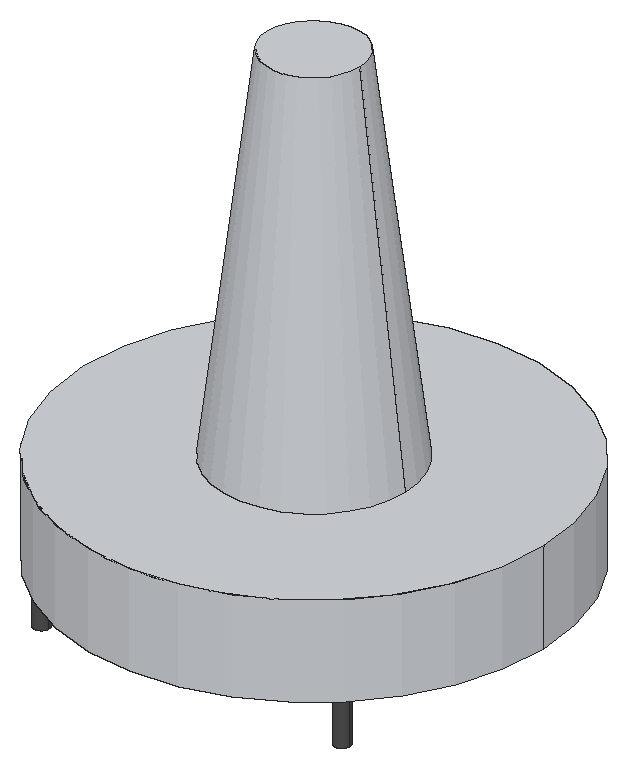
Revit family
Parameters (values of type "60"Dia")
  Upholstery = Default
  Assembly Code = "E2020200"
  Leg Material = Metal - Chrome
  Length = 6' - 7"
  Width = 5' - 0"
Types (4): name | Upholstery | Length | Width
  Double 54" x 75" | none | 6' - 3" | 4' - 6"
  Twin 38" x 75" | none | 6' - 3" | 3' - 2"
  60"Dia | Default | 6' - 7" | 5' - 0"
  King 78" x 80" | none | 6' - 8" | 6' - 6"
Reference planes (in)
  plane 1 "Center (Front/Back)": y = -1.79508
  plane 2: z = 0
  plane 3 "Center (Left/Right)": x = 10.68852
  plane 4: y = 37.70492
  plane 5: y = -41.29508
  plane 6: x = 40.68852
  plane 7: x = -19.31148
  plane 8: x = -8.93192
  plane 9: x = 45.06808
  plane 10: y = 18.10092
  plane 11: y = -54.89908
  plane 12: x = -16.31148
  plane 13: x = 37.68852
  plane 14: x = 30.30897
  plane 15: x = -23.69103
  plane 16: y = 18.10092
  plane 17: y = -54.89908
  plane 18: x = -8.93192
  plane 19: x = 45.06808
  plane 20: y = -21.69109
  plane 21: y = 51.30891
  plane 22: x = 30.30897
  plane 23: x = -23.69103
  plane 24: y = -21.69109
  plane 25: y = 51.30891
Forms (in)
  Extrusion 1, solid, material "Metal - Chrome"
    sketch origin (7.37955, -16.60399, 0) x (1, 0, 0) y (0, 1, 0)
      loop
        circle (-16.31148, 34.70492) r 1
    from 0 to 6
  Extrusion 2, solid
    sketch origin (0, 0, 0) x (1, 0, 0) y (0, 1, 0)
      loop
        circle (10.68852, -1.79508) r 30
    from 6 to 18
  Extrusion 3, solid, material "Metal - Chrome"
    sketch origin (13.9975, -16.60399, 0) x (-1, 0, 0) y (0, -1, 0)
      loop
        circle (-16.31148, -34.70492) r 1
    from 0 to 6
  Extrusion 4, solid, material "Metal - Chrome"
    sketch origin (7.37955, 13.01383, 0) x (1, 0, 0) y (0, 1, 0)
      loop
        circle (-16.31148, -34.70492) r 1
    from 0 to 6
  Extrusion 5, solid, material "Metal - Chrome"
    sketch origin (13.9975, 13.01383, 0) x (-1, 0, 0) y (0, -1, 0)
      loop
        circle (-16.31148, 34.70492) r 1
    from 0 to 6
  Blend 6, solid
    base sketch origin (0, 0, 0) x (1, 0, 0) y (0, 1, 0)
      loop
        circle (10.68852, -1.79508) r 12
    top sketch origin (0, 0, 0) x (1, 0, 0) y (0, 1, 0)
      loop
        circle (10.68852, -1.79508) r 6
    from 18 to 65.60437
Dimensions and locks (in)
  equal spacing: plane 7, plane 3 "Center (Left/Right)", plane 6
  equal spacing: plane 5, plane 1 "Center (Front/Back)", plane 4
  "Width": plane 7 to plane 6
  "Length": plane 5 to plane 4
  plane 10 to plane 4 = 1' - 7.60399"
  plane 11 to plane 5 = 1' - 1.60399"
  plane 7 to plane 8 = 0' - 10.37955"
  plane 6 to plane 9 = 0' - 4.37955"
  locked: plane 7 to plane 12 at 3
  locked: plane 13 to plane 6 at 3
Automatic sketch dimensions
  Extrusion 1 sketch curve to Extrusion 1 sketch curve = 0' - 0"  (x2)
  plane 10 to Extrusion 1 sketch curve = 0' - 0"
  Extrusion 1 sketch curve to plane 8 = 0' - 0"
  Extrusion 1 sketch curve to Extrusion 1 sketch curve = 0' - 1"
  plane 1 "Center (Front/Back)" to Extrusion 2 sketch curve = 0' - 0"
  Extrusion 2 sketch curve to plane 3 "Center (Left/Right)" = 0' - 0"
  Extrusion 3 sketch curve to Extrusion 3 sketch curve = 0' - 0"  (x2)
  plane 16 to Extrusion 3 sketch curve = 0' - 0"
  Extrusion 3 sketch curve to plane 14 = 0' - 0"
  Extrusion 3 sketch curve to Extrusion 3 sketch curve = 0' - 1"
  Extrusion 4 sketch curve to Extrusion 4 sketch curve = 0' - 0"  (x2)
  Extrusion 4 sketch curve to plane 20 = 0' - 0"
  Extrusion 4 sketch curve to plane 18 = 0' - 0"
  Extrusion 4 sketch curve to Extrusion 4 sketch curve = 0' - 1"
  Extrusion 5 sketch curve to Extrusion 5 sketch curve = 0' - 0"  (x2)
  Extrusion 5 sketch curve to plane 24 = 0' - 0"
  Extrusion 5 sketch curve to plane 22 = 0' - 0"
  Extrusion 5 sketch curve to Extrusion 5 sketch curve = 0' - 1"
  plane 1 "Center (Front/Back)" to Blend 6 sketch curve = 0' - 0"  (x2)
  Blend 6 sketch curve to plane 3 "Center (Left/Right)" = 0' - 0"  (x2)
  radius of Extrusion 2 sketch curve = 2' - 6"
  radius of Blend 6 sketch curve = 1' - 0"
  radius of Blend 6 sketch curve = 0' - 6"
